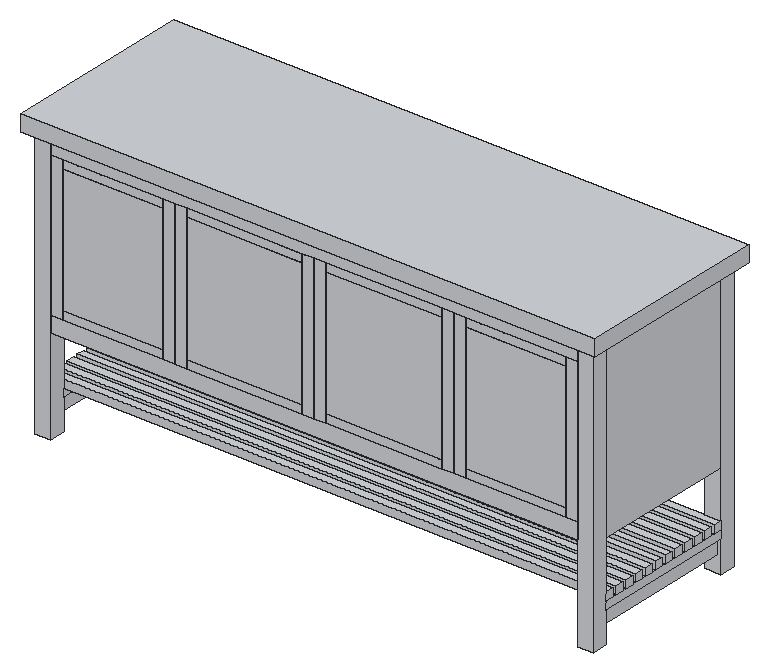
Revit family "Bath Vanity", category Casework, Revit 2019
Family settings
  OmniClass Number = 23.40.35.00
  OmniClass Title = Casework
  Work Plane-Based = No
  Always vertical = Yes
  Cut with Voids When Loaded = No
  Shared = No
  Room Calculation Point = No
Parameters (values of type "Bath Vanity 72"")
  Depth = 2' - 0"
  Height = 3' - 0"
  Width = 6' - 0"
Types (5): name | Width
  (no name) | 6' - 0"
  Bath Vanity 48" | 4' - 0"
  Bath Vanity 42" | 3' - 6"
  Bath Vanity 60" | 5' - 0"
  Bath Vanity 72" | 6' - 0"
Reference planes (in)
  plane 1 "Back": y = 0
  plane 2: z = 0
  plane 3 "Center (Left/Right)": x = 0.7377
  plane 4 "Left": x = -35.2623
  plane 5 "Right": x = 36.7377
  plane 6 "Front": y = -24
  plane 7 "Top": z = 36
  plane 8 "Left - 1": x = -34.2623
  plane 9 "Right - 1": x = 35.7377
  plane 10 "Front - 1": y = -23
  plane 11 "Back - 1": y = -1
  plane 12 "Left Middle": x = -16.7623
  plane 13 "Right Middle": x = 18.2377
Forms (in)
  Extrusion 1, solid
    sketch origin (0, 0, 0) x (1, 0, 0) y (0, 1, 0)
      loop
        line (-34.2623, -1) -> (-34.2623, -3) -> (-32.2623, -3) -> (-32.2623, -1) -> (-34.2623, -1)
      loop
        line (33.7377, -1) -> (33.7377, -3) -> (35.7377, -3) -> (35.7377, -1) -> (33.7377, -1)
      loop
        line (-34.2623, -21) -> (-34.2623, -23) -> (-32.2623, -23) -> (-32.2623, -21) -> (-34.2623, -21)
      loop
        line (33.7377, -21) -> (33.7377, -23) -> (35.7377, -23) -> (35.7377, -21) -> (33.7377, -21)
    from 0 to 34
  Extrusion 2, solid, not visible
    sketch origin (28.7377, -22, -3) x (1, 0, 0) y (0, 0, -1)
      loop
        line (-69.5, -8) -> (-68.5, -8) -> (-68.5, -6) -> (-69.5, -6) -> (-69.5, -8)
    from 0 to 20
  Extrusion 3, solid, not visible
    sketch origin (28.7377, -22, -1) x (1, 0, 0) y (0, 0, -1)
      loop
        line (-68, -7) -> (-68, -6) -> (-70, -6) -> (-70, -7) -> (-68, -7)
    from 0 to 20
  Sweep 4, solid
    path origin (7, 0, 0) x (1, 0, 0) y (0, 1, 0)
      loop
        line (-40.2623, -21) -> (-40.2623, -3)
    profile origin (-33.2623, -12, 0) x (-1, 0, 0) y (0, 0, 1)
      loop
        line (1, 5) -> (-1, 5) -> (-1, 4) -> (-0.5, 4) -> (-0.5, 2) -> (0.5, 2) -> (0.5, 4) -> (1, 4) -> (1, 5)
  Extrusion 5, solid
    sketch origin (0, 0, 0) x (1, 0, 0) y (0, 1, 0)
      loop
        line (36.7377, 0) -> (-35.2623, 0) -> (-35.2623, -24) -> (36.7377, -24) -> (36.7377, 0)
    from 34 to 36
  Sweep 6, solid
    path origin (0, 8.5, -1) x (1, 0, 0) y (0, 1, 0)
      loop
        line (35.7377, -29) -> (-34.2623, -29)
    profile origin (0.7377, -20.5, -1) x (0, -1, 0) y (0, 0, 1)
      loop
        line (0.5, 6) -> (0.5, 7) -> (-0.5, 7) -> (-0.5, 6) -> (0.5, 6)
  Sweep 7, solid
    path origin (63, 0, 0) x (1, 0, 0) y (0, 1, 0)
      loop
        line (-28.2623, -21) -> (-28.2623, -3)
    profile origin (34.7377, -12, 0) x (-1, 0, 0) y (0, 0, 1)
      loop
        line (1, 5) -> (-1, 5) -> (-1, 4) -> (-0.5, 4) -> (-0.5, 2) -> (0.5, 2) -> (0.5, 4) -> (1, 4) -> (1, 5)
  Sweep 8, solid
    path origin (0, 10.04545, -1) x (1, 0, 0) y (0, 1, 0)
      loop
        line (35.7377, -29) -> (-34.2623, -29)
    profile origin (0.7377, -18.95455, -1) x (0, -1, 0) y (0, 0, 1)
      loop
        line (0.5, 6) -> (0.5, 7) -> (-0.5, 7) -> (-0.5, 6) -> (0.5, 6)
  Sweep 9, solid
    path origin (0, 11.59091, -1) x (1, 0, 0) y (0, 1, 0)
      loop
        line (35.7377, -29) -> (-34.2623, -29)
    profile origin (0.7377, -17.40909, -1) x (0, -1, 0) y (0, 0, 1)
      loop
        line (0.5, 6) -> (0.5, 7) -> (-0.5, 7) -> (-0.5, 6) -> (0.5, 6)
  Sweep 10, solid
    path origin (0, 13.13636, -1) x (1, 0, 0) y (0, 1, 0)
      loop
        line (35.7377, -29) -> (-34.2623, -29)
    profile origin (0.7377, -15.86364, -1) x (0, -1, 0) y (0, 0, 1)
      loop
        line (0.5, 6) -> (0.5, 7) -> (-0.5, 7) -> (-0.5, 6) -> (0.5, 6)
  Sweep 11, solid
    path origin (0, 14.68182, -1) x (1, 0, 0) y (0, 1, 0)
      loop
        line (35.7377, -29) -> (-34.2623, -29)
    profile origin (0.7377, -14.31818, -1) x (0, -1, 0) y (0, 0, 1)
      loop
        line (0.5, 6) -> (0.5, 7) -> (-0.5, 7) -> (-0.5, 6) -> (0.5, 6)
  Sweep 12, solid
    path origin (0, 16.22727, -1) x (1, 0, 0) y (0, 1, 0)
      loop
        line (35.7377, -29) -> (-34.2623, -29)
    profile origin (0.7377, -12.77273, -1) x (0, -1, 0) y (0, 0, 1)
      loop
        line (0.5, 6) -> (0.5, 7) -> (-0.5, 7) -> (-0.5, 6) -> (0.5, 6)
  Sweep 13, solid
    path origin (0, 17.77273, -1) x (1, 0, 0) y (0, 1, 0)
      loop
        line (35.7377, -29) -> (-34.2623, -29)
    profile origin (0.7377, -11.22727, -1) x (0, -1, 0) y (0, 0, 1)
      loop
        line (0.5, 6) -> (0.5, 7) -> (-0.5, 7) -> (-0.5, 6) -> (0.5, 6)
  Sweep 14, solid
    path origin (0, 19.31818, -1) x (1, 0, 0) y (0, 1, 0)
      loop
        line (35.7377, -29) -> (-34.2623, -29)
    profile origin (0.7377, -9.68182, -1) x (0, -1, 0) y (0, 0, 1)
      loop
        line (0.5, 6) -> (0.5, 7) -> (-0.5, 7) -> (-0.5, 6) -> (0.5, 6)
  Sweep 15, solid
    path origin (0, 20.86364, -1) x (1, 0, 0) y (0, 1, 0)
      loop
        line (35.7377, -29) -> (-34.2623, -29)
    profile origin (0.7377, -8.13636, -1) x (0, -1, 0) y (0, 0, 1)
      loop
        line (0.5, 6) -> (0.5, 7) -> (-0.5, 7) -> (-0.5, 6) -> (0.5, 6)
  Sweep 16, solid
    path origin (0, 22.40909, -1) x (1, 0, 0) y (0, 1, 0)
      loop
        line (35.7377, -29) -> (-34.2623, -29)
    profile origin (0.7377, -6.59091, -1) x (0, -1, 0) y (0, 0, 1)
      loop
        line (0.5, 6) -> (0.5, 7) -> (-0.5, 7) -> (-0.5, 6) -> (0.5, 6)
  Sweep 17, solid
    path origin (0, 23.95455, -1) x (1, 0, 0) y (0, 1, 0)
      loop
        line (35.7377, -29) -> (-34.2623, -29)
    profile origin (0.7377, -5.04545, -1) x (0, -1, 0) y (0, 0, 1)
      loop
        line (0.5, 6) -> (0.5, 7) -> (-0.5, 7) -> (-0.5, 6) -> (0.5, 6)
  Sweep 18, solid
    path origin (0, 25.5, -1) x (1, 0, 0) y (0, 1, 0)
      loop
        line (35.7377, -29) -> (-34.2623, -29)
    profile origin (0.7377, -3.5, -1) x (0, -1, 0) y (0, 0, 1)
      loop
        line (0.5, 6) -> (0.5, 7) -> (-0.5, 7) -> (-0.5, 6) -> (0.5, 6)
  Extrusion 19, solid
    sketch origin (33.7377, -23, 0) x (0, 1, 0) y (0, 0, -1)
      loop
        line (0, -34) -> (1, -34) -> (1, -32) -> (0, -32) -> (0, -34)
    from 0 to 66
  Extrusion 20, solid
    sketch origin (33.7377, -2, -1) x (0, 1, 0) y (0, 0, -1)
      loop
        line (0, -35) -> (1, -35) -> (1, -13) -> (0, -13) -> (0, -35)
    from 0 to 66
  Extrusion 21, solid
    sketch origin (33.7377, -23, -20) x (0, 1, 0) y (0, 0, -1)
      loop
        line (0, -34) -> (1, -34) -> (1, -32) -> (0, -32) -> (0, -34)
    from 0 to 66
  Sweep 22, solid
    path origin (-2, -24, -4) x (1, 0, 0) y (0, 0, 1)
      loop
        line (-29.5123, 18) -> (-29.5123, 36)
    profile origin (-31.5123, -24, 23) x (-1, 0, 0) y (0, -1, 0)
      loop
        line (0.75, -1) -> (-0.75, -1) -> (-0.75, -1.5) -> (0.75, -1.5) -> (0.75, -1)
  Sweep 23, solid
    path origin (29.5, -24, -4) x (1, 0, 0) y (0, 0, 1)
      loop
        line (-30.2623, 18) -> (-30.2623, 36)
    profile origin (-0.7623, -24, 23) x (-1, 0, 0) y (0, -1, 0)
      loop
        line (0, -1) -> (-1.5, -1) -> (-1.5, -1.5) -> (0, -1.5) -> (0, -1)
  Sweep 24, solid
    path origin (31, -24, -4) x (1, 0, 0) y (0, 0, 1)
      loop
        line (-30.2623, 18) -> (-30.2623, 36)
    profile origin (0.7377, -24, 23) x (-1, 0, 0) y (0, -1, 0)
      loop
        line (0, -1) -> (-1.5, -1) -> (-1.5, -1.5) -> (0, -1.5) -> (0, -1)
  Sweep 25, solid
    path origin (18, -24, -4) x (1, 0, 0) y (0, 0, 1)
      loop
        line (-36.2623, 18) -> (-36.2623, 36)
    profile origin (-18.2623, -24, 23) x (-1, 0, 0) y (0, -1, 0)
      loop
        line (0, -1) -> (-1.5, -1) -> (-1.5, -1.5) -> (0, -1.5) -> (0, -1)
  Sweep 26, solid
    path origin (19.5, -24, -4) x (1, 0, 0) y (0, 0, 1)
      loop
        line (-36.2623, 18) -> (-36.2623, 36)
    profile origin (-16.7623, -24, 23) x (-1, 0, 0) y (0, -1, 0)
      loop
        line (0, -1) -> (-1.5, -1) -> (-1.5, -1.5) -> (0, -1.5) -> (0, -1)
  Sweep 27, solid
    path origin (41, -24, -4) x (1, 0, 0) y (0, 0, 1)
      loop
        line (-24.2623, 18) -> (-24.2623, 36)
    profile origin (16.7377, -24, 23) x (-1, 0, 0) y (0, -1, 0)
      loop
        line (0, -1) -> (-1.5, -1) -> (-1.5, -1.5) -> (0, -1.5) -> (0, -1)
  Sweep 28, solid
    path origin (42.5, -24, -4) x (1, 0, 0) y (0, 0, 1)
      loop
        line (-24.2623, 18) -> (-24.2623, 36)
    profile origin (18.2377, -24, 23) x (-1, 0, 0) y (0, -1, 0)
      loop
        line (0, -1) -> (-1.5, -1) -> (-1.5, -1.5) -> (0, -1.5) -> (0, -1)
  Sweep 29, solid
    path origin (56.5, -24, -4) x (1, 0, 0) y (0, 0, 1)
      loop
        line (-24.2623, 18) -> (-24.2623, 36)
    profile origin (32.2377, -24, 23) x (-1, 0, 0) y (0, -1, 0)
      loop
        line (0, -1) -> (-1.5, -1) -> (-1.5, -1.5) -> (0, -1.5) -> (0, -1)
  Extrusion 30, solid
    sketch origin (-30.7623, -23, -0.87742) x (0, 0, 1) y (-1, 0, 0)
      loop
        line (15.87742, 0) -> (14.87742, 0) -> (14.87742, -12.5) -> (15.87742, -12.5) -> (15.87742, 0)
    from 0 to -0.5
  Extrusion 31, solid
    sketch origin (-15.7623, -23, 14) x (0, 0, 1) y (-1, 0, 0)
      loop
        line (17, -0.5) -> (1, -0.5) -> (1, -15) -> (17, -15) -> (17, -0.5)
    from 0 to -0.5
  Extrusion 32, solid
    sketch origin (1.2377, -23, 14) x (0, 0, 1) y (-1, 0, 0)
      loop
        line (17, -1) -> (1, -1) -> (1, -15.5) -> (17, -15.5) -> (17, -1)
    from 0 to -0.5
  Extrusion 33, solid
    sketch origin (19.2377, -23, 14) x (0, 0, 1) y (-1, 0, 0)
      loop
        line (17, -0.5) -> (1, -0.5) -> (1, -13) -> (17, -13) -> (17, -0.5)
    from 0 to -0.5
  Extrusion 34, solid
    sketch origin (-30.7623, -23, 16.12258) x (0, 0, 1) y (-1, 0, 0)
      loop
        line (15.87742, 0) -> (14.87742, 0) -> (14.87742, -12.5) -> (15.87742, -12.5) -> (15.87742, 0)
    from 0 to -0.5
  Extrusion 35, solid
    sketch origin (-30.7623, -23, 6.12258) x (0, 0, 1) y (-1, 0, 0)
      loop
        line (24.87742, 0) -> (8.87742, 0) -> (8.87742, -12.5) -> (24.87742, -12.5) -> (24.87742, 0)
    from 0 to -0.5
  Extrusion 36, solid
    sketch origin (-18.7623, -23, -0.87742) x (0, 0, 1) y (-1, 0, 0)
      loop
        line (15.87742, -3.5) -> (14.87742, -3.5) -> (14.87742, -18) -> (15.87742, -18) -> (15.87742, -3.5)
    from 0 to -0.5
  Extrusion 37, solid
    sketch origin (-18.7623, -23, 16.12258) x (0, 0, 1) y (-1, 0, 0)
      loop
        line (15.87742, -3.5) -> (14.87742, -3.5) -> (14.87742, -18) -> (15.87742, -18) -> (15.87742, -3.5)
    from 0 to -0.5
  Extrusion 38, solid
    sketch origin (-8.7623, -23, -0.87742) x (0, 0, 1) y (-1, 0, 0)
      loop
        line (15.87742, -11) -> (14.87742, -11) -> (14.87742, -25.5) -> (15.87742, -25.5) -> (15.87742, -11)
    from 0 to -0.5
  Extrusion 39, solid
    sketch origin (-8.7623, -23, 16.12258) x (0, 0, 1) y (-1, 0, 0)
      loop
        line (15.87742, -11) -> (14.87742, -11) -> (14.87742, -25.5) -> (15.87742, -25.5) -> (15.87742, -11)
    from 0 to -0.5
  Extrusion 40, solid
    sketch origin (4.2377, -23, -0.87742) x (0, 0, 1) y (-1, 0, 0)
      loop
        line (15.87742, -15.5) -> (14.87742, -15.5) -> (14.87742, -28) -> (15.87742, -28) -> (15.87742, -15.5)
    from 0 to -0.5
  Extrusion 41, solid
    sketch origin (4.2377, -23, 16.12258) x (0, 0, 1) y (-1, 0, 0)
      loop
        line (15.87742, -15.5) -> (14.87742, -15.5) -> (14.87742, -28) -> (15.87742, -28) -> (15.87742, -15.5)
    from 0 to -0.5
  Extrusion 42, solid
    sketch origin (0, 0, 0) x (1, 0, 0) y (0, 1, 0)
      loop
        line (35.2377, -3) -> (35.2377, -21) -> (35.7377, -21) -> (35.7377, -3) -> (35.2377, -3)
    from 12 to 34
  Extrusion 43, solid
    sketch origin (0, 0, 0) x (1, 0, 0) y (0, 1, 0)
      loop
        line (-34.2623, -3) -> (-34.2623, -21) -> (-33.7623, -21) -> (-33.7623, -3) -> (-34.2623, -3)
    from 12 to 34
Dimensions and locks (in)
  "Depth": plane 6 "Front" to plane 1 "Back"
  "Width": plane 4 "Left" to plane 5 "Right"
  equal spacing: plane 4 "Left", plane 3 "Center (Left/Right)", plane 5 "Right"
  "Height": level to plane 7 "Top"
  plane 4 "Left" to plane 8 "Left - 1" = 0' - 1"
  locked: plane 4 "Left" to plane 8 "Left - 1" at 1
  locked: plane 9 "Right - 1" to plane 5 "Right" at 1
  locked: plane 11 "Back - 1" to plane 1 "Back" at 1
  locked: plane 10 "Front - 1" to plane 6 "Front" at 1
  equal spacing: plane 3 "Center (Left/Right)", plane 12 "Left Middle", plane 8 "Left - 1"
  equal spacing: plane 9 "Right - 1", plane 13 "Right Middle", plane 3 "Center (Left/Right)"
  locked: plane 8 "Left - 1" to Extrusion 1 at 2
  locked: Extrusion 1 to plane 9 "Right - 1" at 2
  Extrusion 21 to Sweep 6 = 0' - 6"
  aligned and locked: plane 2 to level
  aligned and locked: Extrusion 1 to level
  aligned and locked: Extrusion 5 sketch curve to plane 1 "Back"
  aligned and locked: Extrusion 5 sketch curve to plane 4 "Left"
  aligned and locked: Extrusion 5 sketch curve to plane 6 "Front"
  aligned and locked: Extrusion 5 sketch curve to plane 5 "Right"
  aligned and locked: Extrusion 5 to plane 7 "Top"
  aligned and locked: Extrusion 1 sketch curve to plane 11 "Back - 1"  (x2)
  aligned and locked: plane 8 "Left - 1" to Extrusion 1 sketch curve  (x2)
  aligned and locked: Extrusion 1 sketch curve to plane 9 "Right - 1"  (x2)
  aligned and locked: plane 10 "Front - 1" to Extrusion 1 sketch curve  (x2)
  aligned and locked: Sweep 6 to Extrusion 1
  aligned and locked: Sweep 4 to plane 8 "Left - 1"
  aligned and locked: plane 9 "Right - 1" to Sweep 7
  aligned and locked: Extrusion 1 to Extrusion 5
  aligned and locked: plane 9 "Right - 1" to Sweep 6 sketch curve
  aligned and locked: plane 8 "Left - 1" to Sweep 6 sketch curve
  aligned and locked: Extrusion 19 to Extrusion 1  (x2)
  aligned and locked: Extrusion 21 to Extrusion 1  (x2)
  aligned and locked: Extrusion 20 to Extrusion 1  (x2)
  aligned and locked: plane 3 "Center (Left/Right)" to Sweep 23
  aligned and locked: Sweep 24 to plane 3 "Center (Left/Right)"
  aligned and locked: Sweep 22 to Extrusion 1
  aligned and locked: Sweep 26 to plane 12 "Left Middle"
  aligned and locked: plane 12 "Left Middle" to Sweep 25
  aligned and locked: Sweep 28 to plane 13 "Right Middle"
  aligned and locked: plane 13 "Right Middle" to Sweep 27
  aligned and locked: Sweep 29 to Extrusion 1
  aligned and locked: Extrusion 30 to Sweep 22  (x2)
  aligned and locked: Extrusion 30 to Sweep 25  (x2)
  aligned and locked: Extrusion 31 to Sweep 23
  aligned and locked: Extrusion 31 to Sweep 26
  aligned and locked: Extrusion 32 to Sweep 27
  aligned and locked: Extrusion 32 to Sweep 24
  aligned and locked: Extrusion 33 to Sweep 29
  aligned and locked: Extrusion 33 to Sweep 28
  aligned and locked: Extrusion 34 to Sweep 25
  aligned and locked: Extrusion 35 to Sweep 25
  aligned and locked: Extrusion 37 to Sweep 26
  aligned and locked: Extrusion 36 to Sweep 26
  aligned and locked: Extrusion 36 to Sweep 23
  aligned and locked: Extrusion 37 to Sweep 23
  aligned and locked: Extrusion 38 to Sweep 27
  aligned and locked: Extrusion 38 to Sweep 24
  aligned and locked: Extrusion 39 to Sweep 27
  aligned and locked: Extrusion 39 to Sweep 24
  aligned and locked: Extrusion 41 to Sweep 29
  aligned and locked: Extrusion 40 to Sweep 29
  aligned and locked: Extrusion 40 to Sweep 28
  aligned and locked: Extrusion 41 to Sweep 28
  aligned and locked: Extrusion 42 sketch curve to plane 9 "Right - 1"
  aligned and locked: plane 8 "Left - 1" to Extrusion 43 sketch curve
Automatic sketch dimensions
  Extrusion 2 sketch curve to Extrusion 2 sketch curve = 0' - 1"
  Extrusion 2 sketch curve to Extrusion 2 sketch curve = 0' - 2"
  Extrusion 3 sketch curve to Extrusion 3 sketch curve = 0' - 2"
  Extrusion 3 sketch curve to Extrusion 3 sketch curve = 0' - 1"
  Extrusion 1 sketch curve to Extrusion 1 sketch curve = 0' - 2"  (x6)
  Extrusion 1 sketch curve to plane 11 "Back - 1" = 0' - 2"  (x2)
  plane 8 "Left - 1" to Sweep 4 sketch curve = 0' - 1"
  plane 10 "Front - 1" to Sweep 4 sketch curve = 0' - 2"
  Sweep 4 sketch curve to plane 11 "Back - 1" = 0' - 2"
  profile plane to Sweep 4 sketch curve = 0' - 1"
  profile plane to Sweep 4 sketch curve = 0' - 0 1/2"
  Sweep 4 sketch curve to profile plane = 0' - 0 1/2"
  Sweep 4 sketch curve to Sweep 4 sketch curve = 0' - 0 1/2"
  level to Sweep 4 sketch curve = 0' - 2"
  Sweep 4 sketch curve to Sweep 4 sketch curve = 0' - 2"
  Sweep 4 sketch curve to Sweep 4 sketch curve = 0' - 0"
  Sweep 4 sketch curve to Sweep 4 sketch curve = 0' - 1"
  plane 10 "Front - 1" to Sweep 6 sketch curve = 0' - 2 1/2"
  profile plane to Sweep 6 sketch curve = 0' - 0 1/2"
  Sweep 6 sketch curve to profile plane = 0' - 0 1/2"
  profile plane to Sweep 6 sketch curve = 0' - 6"
  Sweep 6 sketch curve to Sweep 6 sketch curve = 0' - 1"
  Sweep 7 sketch curve to plane 9 "Right - 1" = 0' - 1"
  plane 10 "Front - 1" to Sweep 7 sketch curve = 0' - 2"
  Sweep 7 sketch curve to plane 11 "Back - 1" = 0' - 2"
  profile plane to Sweep 7 sketch curve = 0' - 1"
  profile plane to Sweep 7 sketch curve = 0' - 0 1/2"
  Sweep 7 sketch curve to profile plane = 0' - 0 1/2"
  Sweep 7 sketch curve to Sweep 7 sketch curve = 0' - 0 1/2"
  level to Sweep 7 sketch curve = 0' - 2"
  Sweep 7 sketch curve to Sweep 7 sketch curve = 0' - 2"
  Sweep 7 sketch curve to Sweep 7 sketch curve = 0' - 0"
  Sweep 7 sketch curve to Sweep 7 sketch curve = 0' - 1"
  Sweep 8 sketch curve to plane 8 "Left - 1" = 0' - 0"
  Sweep 8 sketch curve to plane 9 "Right - 1" = 0' - 0"
  plane 10 "Front - 1" to Sweep 8 sketch curve = 0' - 4.04545"
  profile plane to Sweep 8 sketch curve = 0' - 0 1/2"
  Sweep 8 sketch curve to profile plane = 0' - 0 1/2"
  profile plane to Sweep 8 sketch curve = 0' - 6"
  Sweep 8 sketch curve to Sweep 8 sketch curve = 0' - 1"
  Sweep 9 sketch curve to plane 8 "Left - 1" = 0' - 0"
  Sweep 9 sketch curve to plane 9 "Right - 1" = 0' - 0"
  plane 10 "Front - 1" to Sweep 9 sketch curve = 0' - 5.59091"
  profile plane to Sweep 9 sketch curve = 0' - 0 1/2"
  Sweep 9 sketch curve to profile plane = 0' - 0 1/2"
  profile plane to Sweep 9 sketch curve = 0' - 6"
  Sweep 9 sketch curve to Sweep 9 sketch curve = 0' - 1"
  Sweep 10 sketch curve to plane 8 "Left - 1" = 0' - 0"
  Sweep 10 sketch curve to plane 9 "Right - 1" = 0' - 0"
  plane 10 "Front - 1" to Sweep 10 sketch curve = 0' - 7.13636"
  profile plane to Sweep 10 sketch curve = 0' - 0 1/2"
  Sweep 10 sketch curve to profile plane = 0' - 0 1/2"
  profile plane to Sweep 10 sketch curve = 0' - 6"
  Sweep 10 sketch curve to Sweep 10 sketch curve = 0' - 1"
  Sweep 11 sketch curve to plane 8 "Left - 1" = 0' - 0"
  Sweep 11 sketch curve to plane 9 "Right - 1" = 0' - 0"
  plane 10 "Front - 1" to Sweep 11 sketch curve = 0' - 8.68182"
  profile plane to Sweep 11 sketch curve = 0' - 0 1/2"
  Sweep 11 sketch curve to profile plane = 0' - 0 1/2"
  profile plane to Sweep 11 sketch curve = 0' - 6"
  Sweep 11 sketch curve to Sweep 11 sketch curve = 0' - 1"
  Sweep 12 sketch curve to plane 8 "Left - 1" = 0' - 0"
  Sweep 12 sketch curve to plane 9 "Right - 1" = 0' - 0"
  plane 10 "Front - 1" to Sweep 12 sketch curve = 0' - 10.22727"
  profile plane to Sweep 12 sketch curve = 0' - 0 1/2"
  Sweep 12 sketch curve to profile plane = 0' - 0 1/2"
  profile plane to Sweep 12 sketch curve = 0' - 6"
  Sweep 12 sketch curve to Sweep 12 sketch curve = 0' - 1"
  Sweep 13 sketch curve to plane 8 "Left - 1" = 0' - 0"
  Sweep 13 sketch curve to plane 9 "Right - 1" = 0' - 0"
  Sweep 13 sketch curve to plane 11 "Back - 1" = 0' - 10.22727"
  profile plane to Sweep 13 sketch curve = 0' - 0 1/2"
  Sweep 13 sketch curve to profile plane = 0' - 0 1/2"
  profile plane to Sweep 13 sketch curve = 0' - 6"
  Sweep 13 sketch curve to Sweep 13 sketch curve = 0' - 1"
  Sweep 14 sketch curve to plane 8 "Left - 1" = 0' - 0"
  Sweep 14 sketch curve to plane 9 "Right - 1" = 0' - 0"
  Sweep 14 sketch curve to plane 11 "Back - 1" = 0' - 8.68182"
  profile plane to Sweep 14 sketch curve = 0' - 0 1/2"
  Sweep 14 sketch curve to profile plane = 0' - 0 1/2"
  profile plane to Sweep 14 sketch curve = 0' - 6"
  Sweep 14 sketch curve to Sweep 14 sketch curve = 0' - 1"
  Sweep 15 sketch curve to plane 8 "Left - 1" = 0' - 0"
  Sweep 15 sketch curve to plane 9 "Right - 1" = 0' - 0"
  Sweep 15 sketch curve to plane 11 "Back - 1" = 0' - 7.13636"
  profile plane to Sweep 15 sketch curve = 0' - 0 1/2"
  Sweep 15 sketch curve to profile plane = 0' - 0 1/2"
  profile plane to Sweep 15 sketch curve = 0' - 6"
  Sweep 15 sketch curve to Sweep 15 sketch curve = 0' - 1"
  Sweep 16 sketch curve to plane 8 "Left - 1" = 0' - 0"
  Sweep 16 sketch curve to plane 9 "Right - 1" = 0' - 0"
  Sweep 16 sketch curve to plane 11 "Back - 1" = 0' - 5.59091"
  profile plane to Sweep 16 sketch curve = 0' - 0 1/2"
  Sweep 16 sketch curve to profile plane = 0' - 0 1/2"
  profile plane to Sweep 16 sketch curve = 0' - 6"
  Sweep 16 sketch curve to Sweep 16 sketch curve = 0' - 1"
  Sweep 17 sketch curve to plane 8 "Left - 1" = 0' - 0"
  Sweep 17 sketch curve to plane 9 "Right - 1" = 0' - 0"
  Sweep 17 sketch curve to plane 11 "Back - 1" = 0' - 4.04545"
  profile plane to Sweep 17 sketch curve = 0' - 0 1/2"
  Sweep 17 sketch curve to profile plane = 0' - 0 1/2"
  profile plane to Sweep 17 sketch curve = 0' - 6"
  Sweep 17 sketch curve to Sweep 17 sketch curve = 0' - 1"
  Sweep 18 sketch curve to plane 8 "Left - 1" = 0' - 0"
  Sweep 18 sketch curve to plane 9 "Right - 1" = 0' - 0"
  Sweep 18 sketch curve to plane 11 "Back - 1" = 0' - 2 1/2"
  profile plane to Sweep 18 sketch curve = 0' - 0 1/2"
  Sweep 18 sketch curve to profile plane = 0' - 0 1/2"
  profile plane to Sweep 18 sketch curve = 0' - 6"
  Sweep 18 sketch curve to Sweep 18 sketch curve = 0' - 1"
  Extrusion 19 sketch curve to plane 10 "Front - 1" = 0' - 0"
  Extrusion 19 sketch curve to Extrusion 19 sketch curve = 0' - 1"
  plane 7 "Top" to Extrusion 19 sketch curve = 0' - 2"
  Extrusion 19 sketch curve to Extrusion 19 sketch curve = 0' - 2"
  Extrusion 20 sketch curve to plane 11 "Back - 1" = 0' - 0"
  Extrusion 20 sketch curve to plane 11 "Back - 1" = 0' - 1"
  plane 7 "Top" to Extrusion 20 sketch curve = 0' - 2"
  level to Extrusion 20 sketch curve = 1' - 0"
  Extrusion 21 sketch curve to plane 10 "Front - 1" = 0' - 0"
  Extrusion 21 sketch curve to Extrusion 21 sketch curve = 0' - 1"
  level to Extrusion 21 sketch curve = 1' - 2"
  Extrusion 21 sketch curve to Extrusion 21 sketch curve = 0' - 2"
  plane 8 "Left - 1" to Sweep 22 sketch curve = 0' - 2 3/4"
  level to Sweep 22 sketch curve = 1' - 2"
  plane 7 "Top" to Sweep 22 sketch curve = 0' - 4"
  profile plane to Sweep 22 sketch curve = 0' - 0 3/4"
  Sweep 22 sketch curve to profile plane = 0' - 0 3/4"
  Sweep 22 sketch curve to plane 6 "Front" = 0' - 1 1/2"
  Sweep 22 sketch curve to Sweep 22 sketch curve = 0' - 0 1/2"
  Sweep 23 sketch curve to plane 3 "Center (Left/Right)" = 0' - 1 1/2"
  level to Sweep 23 sketch curve = 1' - 2"
  plane 7 "Top" to Sweep 23 sketch curve = 0' - 4"
  Sweep 23 sketch curve to profile plane = 0' - 0"
  profile plane to Sweep 23 sketch curve = 0' - 1 1/2"
  Sweep 23 sketch curve to plane 6 "Front" = 0' - 1 1/2"
  Sweep 23 sketch curve to Sweep 23 sketch curve = 0' - 0 1/2"
  Sweep 24 sketch curve to plane 3 "Center (Left/Right)" = 0' - 0"
  level to Sweep 24 sketch curve = 1' - 2"
  plane 7 "Top" to Sweep 24 sketch curve = 0' - 4"
  Sweep 24 sketch curve to profile plane = 0' - 0"
  profile plane to Sweep 24 sketch curve = 0' - 1 1/2"
  Sweep 24 sketch curve to plane 6 "Front" = 0' - 1 1/2"
  Sweep 24 sketch curve to Sweep 24 sketch curve = 0' - 0 1/2"
  Sweep 25 sketch curve to plane 12 "Left Middle" = 0' - 1 1/2"
  level to Sweep 25 sketch curve = 1' - 2"
  plane 7 "Top" to Sweep 25 sketch curve = 0' - 4"
  Sweep 25 sketch curve to profile plane = 0' - 0"
  profile plane to Sweep 25 sketch curve = 0' - 1 1/2"
  Sweep 25 sketch curve to plane 6 "Front" = 0' - 1 1/2"
  Sweep 25 sketch curve to Sweep 25 sketch curve = 0' - 0 1/2"
  Sweep 26 sketch curve to plane 12 "Left Middle" = 0' - 0"
  level to Sweep 26 sketch curve = 1' - 2"
  plane 7 "Top" to Sweep 26 sketch curve = 0' - 4"
  Sweep 26 sketch curve to profile plane = 0' - 0"
  profile plane to Sweep 26 sketch curve = 0' - 1 1/2"
  Sweep 26 sketch curve to plane 6 "Front" = 0' - 1 1/2"
  Sweep 26 sketch curve to Sweep 26 sketch curve = 0' - 0 1/2"
  Sweep 27 sketch curve to plane 13 "Right Middle" = 0' - 1 1/2"
  level to Sweep 27 sketch curve = 1' - 2"
  plane 7 "Top" to Sweep 27 sketch curve = 0' - 4"
  Sweep 27 sketch curve to profile plane = 0' - 0"
  profile plane to Sweep 27 sketch curve = 0' - 1 1/2"
  Sweep 27 sketch curve to plane 6 "Front" = 0' - 1 1/2"
  Sweep 27 sketch curve to Sweep 27 sketch curve = 0' - 0 1/2"
  Sweep 28 sketch curve to plane 13 "Right Middle" = 0' - 0"
  level to Sweep 28 sketch curve = 1' - 2"
  plane 7 "Top" to Sweep 28 sketch curve = 0' - 4"
  Sweep 28 sketch curve to profile plane = 0' - 0"
  profile plane to Sweep 28 sketch curve = 0' - 1 1/2"
  Sweep 28 sketch curve to plane 6 "Front" = 0' - 1 1/2"
  Sweep 28 sketch curve to Sweep 28 sketch curve = 0' - 0 1/2"
  Sweep 29 sketch curve to plane 9 "Right - 1" = 0' - 3 1/2"
  level to Sweep 29 sketch curve = 1' - 2"
  plane 7 "Top" to Sweep 29 sketch curve = 0' - 4"
  Sweep 29 sketch curve to profile plane = 0' - 0"
  profile plane to Sweep 29 sketch curve = 0' - 1 1/2"
  Sweep 29 sketch curve to plane 6 "Front" = 0' - 1 1/2"
  Sweep 29 sketch curve to Sweep 29 sketch curve = 0' - 0 1/2"
  Extrusion 30 sketch curve to Sweep 22 = 0' - 0"  (x2)
  Sweep 22 to Extrusion 30 sketch curve = 0' - 1"
  Sweep 22 to Extrusion 30 sketch curve = 1' - 0 1/2"
  Sweep 22 to Extrusion 31 sketch curve = 0' - 1"  (x2)
  Sweep 22 to Extrusion 31 sketch curve = 2' - 6"
  Extrusion 31 sketch curve to Extrusion 31 sketch curve = 1' - 2 1/2"
  Sweep 22 to Extrusion 32 sketch curve = 0' - 1"  (x2)
  Sweep 22 to Extrusion 32 sketch curve = 3' - 11 1/2"
  Extrusion 32 sketch curve to Extrusion 32 sketch curve = 1' - 2 1/2"
  Sweep 22 to Extrusion 33 sketch curve = 0' - 1"  (x2)
  Sweep 22 to Extrusion 33 sketch curve = 5' - 3"
  Extrusion 33 sketch curve to Extrusion 33 sketch curve = 1' - 0 1/2"
  Extrusion 34 sketch curve to Sweep 22 = 0' - 0"  (x2)
  Sweep 22 to Extrusion 34 sketch curve = 0' - 1"
  Sweep 22 to Extrusion 34 sketch curve = 1' - 0 1/2"
  Extrusion 35 sketch curve to Sweep 22 = 0' - 0"
  Sweep 22 to Extrusion 35 sketch curve = 0' - 1"  (x2)
  Sweep 22 to Extrusion 35 sketch curve = 1' - 0 1/2"
  Extrusion 36 sketch curve to Sweep 22 = 0' - 0"
  Sweep 22 to Extrusion 36 sketch curve = 0' - 1"
  Sweep 22 to Extrusion 36 sketch curve = 2' - 6"
  Extrusion 36 sketch curve to Extrusion 36 sketch curve = 1' - 2 1/2"
  Extrusion 37 sketch curve to Sweep 22 = 0' - 0"
  Sweep 22 to Extrusion 37 sketch curve = 0' - 1"
  Sweep 22 to Extrusion 37 sketch curve = 2' - 6"
  Extrusion 37 sketch curve to Extrusion 37 sketch curve = 1' - 2 1/2"
  Extrusion 38 sketch curve to Sweep 22 = 0' - 0"
  Sweep 22 to Extrusion 38 sketch curve = 0' - 1"
  Sweep 22 to Extrusion 38 sketch curve = 3' - 11 1/2"
  Extrusion 38 sketch curve to Extrusion 38 sketch curve = 1' - 2 1/2"
  Extrusion 39 sketch curve to Sweep 22 = 0' - 0"
  Sweep 22 to Extrusion 39 sketch curve = 0' - 1"
  Sweep 22 to Extrusion 39 sketch curve = 3' - 11 1/2"
  Extrusion 39 sketch curve to Extrusion 39 sketch curve = 1' - 2 1/2"
  Extrusion 40 sketch curve to Sweep 22 = 0' - 0"
  Sweep 22 to Extrusion 40 sketch curve = 0' - 1"
  Sweep 22 to Extrusion 40 sketch curve = 5' - 3"
  Extrusion 40 sketch curve to Extrusion 40 sketch curve = 1' - 0 1/2"
  Extrusion 41 sketch curve to Sweep 22 = 0' - 0"
  Sweep 22 to Extrusion 41 sketch curve = 0' - 1"
  Sweep 22 to Extrusion 41 sketch curve = 5' - 3"
  Extrusion 41 sketch curve to Extrusion 41 sketch curve = 1' - 0 1/2"
  Extrusion 42 sketch curve to Extrusion 42 sketch curve = 0' - 0 1/2"
  plane 10 "Front - 1" to Extrusion 42 sketch curve = 0' - 2"
  Extrusion 42 sketch curve to plane 11 "Back - 1" = 0' - 2"
  Extrusion 43 sketch curve to Extrusion 43 sketch curve = 0' - 0 1/2"
  plane 10 "Front - 1" to Extrusion 43 sketch curve = 0' - 2"
  Extrusion 43 sketch curve to plane 11 "Back - 1" = 0' - 2"
